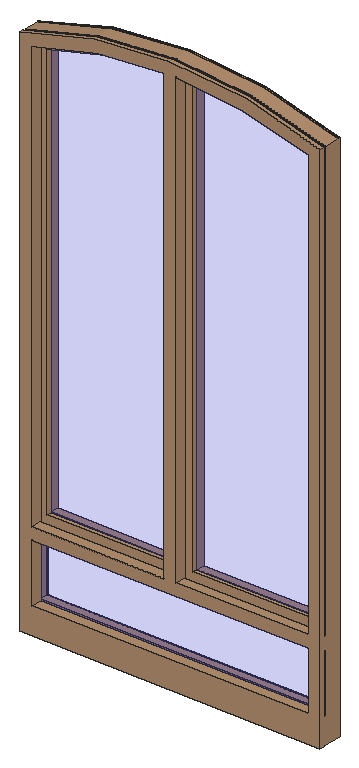
Revit family "WWW_A3-Flat-Arch-2090-FAB6", category Windows, host Wall, Revit 2016
Family settings
  Host = Wall
  Always vertical = Yes
  Cut with Voids When Loaded = No
  Shared = No
  Room Calculation Point = No
Parameters (values of type "2090 x 1116 FAB6")
  URL = "www.acdoors.co.za"
  Type Comments = "Series iv Frame Profile"
  RHS [instance] = yes
  Model = "Flat Arch"
  Manufacturer Code = "FAB6"
  Manufacturer = "AC Shopfitters (Windows)"
  LHS [instance] = not(RHS)  # no
  Height = 2090 mm
  Head Height = 2300 mm
  Frame Material = Wood- Timber
  Default Sill Height = (Head Height) - Height  # 210 mm
  Wall Closure = By host
  Width = 1116 mm
  Assembly Code = "B2020130"
  Arch Radii [instance] = Width / 2  # 558 mm
Types (5, lengths in mm): name | Height | Default Sill Height | Width | Arch Radii
  (no name) | 2090 | 210 | 1116 | 558
  1888 x 1500 FAB6 | 1888 | 412 | 1500 | 750
  2090 x 1116 FAB6 | 2090 | 210 | 1116 | 558
  2090 x 1500 FAB6 | 2090 | 210 | 1500 | 750
  1888 x 1116 FAB6 | 1888 | 412 | 1116 | 558
Reference planes
  plane 1 "CL": y = 0
  plane 2 "Center (Left/Right)": x = 0
  plane 3 "Left": x = -558
  plane 4 "Right": x = 558
  plane 5 "Sill": z = 210
  plane 6 "Head": z = 2300
  plane 7 "Exterior": y = 75
  plane 8 "Interior": y = -75
  plane 9: z = 1603.333
  plane 10: z = 906.667
  plane 11: z = 550
Forms (mm)
  Sweep 1, solid, material "Wood- Timber" <- "Frame Material", detail levels medium+fine
    path origin (0, 0, 0) x (1, 0, 0) y (0, 0, 1)
      loop
        line (558, 210) -> (558, 2202.083)
        arc (558, 2202.083) -> (0, 2300.032) -> (-558, 2202.083) r 1638.396
        line (-558, 2202.083) -> (-558, 210)
    profile "AC 90 x 44 IV : AC 90 x 44 iv" origin (558, 0, 1206.042) x (-1, 0, 0) y (0, -1, 0)
      loop
        line (44, 50.2) -> (0, 50.2) -> (0, 35.2) -> (2.991, 35.2) -> (2.991, 25.2) -> (0, 25.2) -> (0, -31.778) -> (2.991, -31.778) -> (2.991, -34.8) -> (0, -34.8) -> (0, -39.8) -> (24, -39.8) -> (32.38, 10.2) -> (44, 10.2) -> (44, 50.2)
  Sweep 2, solid, material "Wood- Timber" <- "Frame Material", detail levels medium+fine
    path origin (670, 0, 0) x (1, 0, 0) y (0, 0, 1)
      loop
        arc (-144.38, 2179.203) -> (-395.668, 2244.049) -> (-654.12, 2267.573) r 1606.016
        line (-654.12, 2267.573) -> (-654.12, 565.88) -> (-144.38, 565.88) -> (-144.38, 2179.203)
    profile "AC 50 x 44 Base iv : AC 50 x 44 Base" origin (525.62, 0, 1372.542) x (1, 0, 0) y (0, -1, 0)
      loop
        line (0, 10.183) -> (-35.62, 10.183) -> (-35.62, -6.817) -> (-30.62, -6.817) -> (-30.62, -9.817) -> (-35.62, -9.817) -> (-35.62, -39.817) -> (-30.62, -39.817) -> (-30.62, -34.817) -> (-25.62, -34.817) -> (-25.62, -39.817) -> (-1.62, -39.817) -> (-1.62, -49.817) -> (8.38, -49.817) -> (8.38, -46.817) -> (6.349, -46.817) -> (6.349, -44.817) -> (8.38, -44.817) -> (8.38, -39.817) -> (0, 10.183)
  Extrusion 3, solid, material "Glass", detail levels medium+fine
    sketch origin (670, 0, 0) x (1, 0, 0) y (0, 0, 1)
      loop
        arc (-175, 2157.245) -> (-396.377, 2213.088) -> (-623.5, 2236.345) r 1575.396
        line (-623.5, 2236.345) -> (-623.5, 596.5) -> (-175, 596.5) -> (-175, 2157.245)
    from -6.817 to -9.817
  Sweep 4, solid, material "Wood- Timber" <- "Frame Material", detail levels medium+fine
    path origin (0, 0, 0) x (1, 0, 0) y (0, 0, 1)
      loop
        line (-558, 210) -> (558, 210)
    profile "AC 90 x 44 IVbase : AC 90 x 44 iv" origin (0, 0, 210) x (0, 0, 1) y (0, -1, 0)
      loop
        line (98.48, 50.2) -> (0, 50.2) -> (0, 35.2) -> (2.991, 35.2) -> (2.991, 25.2) -> (0, 25.2) -> (0, -31.778) -> (2.991, -31.778) -> (2.991, -34.8) -> (0, -34.8) -> (0, -39.8) -> (84, -39.8) -> (92.38, 10.2) -> (98.48, 10.2) -> (98.48, 50.2)
  Sweep 5, solid, material "Wood- Timber" <- "Frame Material", detail levels medium+fine
    path origin (0, 0, 0) x (1, 0, 0) y (0, 0, 1)
      loop
        line (-558, 550) -> (558, 550)
    profile "AC 90 x 44 IV T : AC 90 x 44" origin (0, 0, 550) x (0, 0, 1) y (0, -1, 0)
      loop
        line (22, 50.2) -> (-22, 50.2) -> (-22, 10.2) -> (-15.88, 10.2) -> (-7.5, -39.8) -> (7.5, -39.8) -> (15.88, 10.2) -> (22, 10.2) -> (22, 50.2)
  Sweep 6, solid, material "Wood- Timber" <- "Frame Material", detail levels medium+fine
    path origin (0, 0, 0) x (1, 0, 0) y (0, 0, 1)
      loop
        line (525.62, 302.38) -> (525.62, 534.12) -> (-525.62, 534.12) -> (-525.62, 302.38) -> (525.62, 302.38)
    profile "AC Trim angle : AC 50 x 30 iv" origin (525.62, 0, 418.25) x (-1, 0, 0) y (0, -1, 0)
      loop
        line (-8.117, -38.531) -> (-1.659, -38.531) -> (-1.659, -33.531) -> (3.341, -33.531) -> (3.341, -31.343)
        arc (3.341, -31.343) -> (5.428, -28.646) -> (6.17, -25.318) r 7.83
        line (6.17, -25.318) -> (6.17, 5.183) -> (-0.791, 5.183) -> (-8.117, -38.531)
  Extrusion 7, solid, material "Glass", detail levels medium+fine
    sketch origin (0, 0, 0) x (1, 0, 0) y (0, 0, 1)
      loop
        line (527.279, 535.779) -> (-527.279, 535.779) -> (-527.279, 300.721) -> (527.279, 300.721) -> (527.279, 535.779)
    from 5.183 to 10.2
  Sweep 8, solid, material "Wood- Timber" <- "Frame Material", detail levels medium+fine
    path origin (-752, 0, 952) x (0, 0, -1) y (1, 0, 0)
      loop
        line (-1335, 752) -> (402, 752)
    profile "AC 90 x 44 IV T : AC 90 x 44" origin (0, 0, 1418.5) x (1, 0, 0) y (0, -1, 0)
      loop
        line (22, 50.2) -> (-22, 50.2) -> (-22, 10.2) -> (-15.88, 10.2) -> (-7.5, -39.8) -> (7.5, -39.8) -> (15.88, 10.2) -> (22, 10.2) -> (22, 50.2)
  Sweep 9, solid, material "Wood- Timber" <- "Frame Material", detail levels medium+fine
    path origin (-80, 0, 0) x (1, 0, 0) y (0, 0, 1)
      loop
        arc (64.12, 2267.573) -> (-194.332, 2244.049) -> (-445.62, 2179.203) r 1606.016
        line (-445.62, 2179.203) -> (-445.62, 565.88) -> (64.12, 565.88) -> (64.12, 2267.573)
    profile "AC 50 x 44 Base iv : AC 50 x 44 Base" origin (-15.88, 0, 1416.727) x (1, 0, 0) y (0, -1, 0)
      loop
        line (0, 10.183) -> (-35.62, 10.183) -> (-35.62, -6.817) -> (-30.62, -6.817) -> (-30.62, -9.817) -> (-35.62, -9.817) -> (-35.62, -39.817) -> (-30.62, -39.817) -> (-30.62, -34.817) -> (-25.62, -34.817) -> (-25.62, -39.817) -> (-1.62, -39.817) -> (-1.62, -49.817) -> (8.38, -49.817) -> (8.38, -46.817) -> (6.349, -46.817) -> (6.349, -44.817) -> (8.38, -44.817) -> (8.38, -39.817) -> (0, 10.183)
  Extrusion 10, solid, material "Glass", detail levels medium+fine
    sketch origin (-80, 0, 0) x (1, 0, 0) y (0, 0, 1)
      loop
        arc (33.5, 2236.345) -> (-193.623, 2213.088) -> (-415, 2157.245) r 1575.396
        line (-415, 2157.245) -> (-415, 596.5) -> (33.5, 596.5) -> (33.5, 2236.345)
    from -6.817 to -9.817
Cuts and joins
  joined: Sweep 1, Sweep 4, Sweep 5, Sweep 8
Lines and regions (mm)
  Opening 1
    outline origin (3500, -75, 0) x (1, 0, 0) y (0, 0, 1)
      loop
        line (-2942, 210) -> (-2942, 2202.083)
        arc (-2942, 2202.083) -> (-3211.702, 2274.468) -> (-3489.779, 2300) r 1638.396
        arc (-3489.779, 2300) -> (-3778.231, 2276.235) -> (-4058, 2202.083) r 1638.396
        line (-4058, 2202.083) -> (-4058, 210) -> (-2942, 210)
  symbolic lines, style "Elevation Swing", visible <- "RHS"
    curve 1: line (534, 0, 2185.158) -> (41.5, 0, 1450.275)
    curve 2: line (41.5, 0, 1450.275) -> (514, 0, 572)
  symbolic lines, style "Elevation Swing"
    curve 3: line (-524, 0, 567.5) -> (-41.5, 0, 1450.275)
    curve 4: line (-41.5, 0, 1450.275) -> (-524, 0, 2175.815)
Text (mm)
  text "EXTERIOR" at (-1963.203, 1332.353, 0), in view "Ref. Level"
  text "INTERIOR" at (-1981.466, -818.386, 0), in view "Ref. Level"
  text "Exterior" at (0, 923.751, 2943.296), in view "Right"
  text "Exterior" at (0, 1040.484, 2685.409), in view "Left"
Dimensions and locks
  equal spacing: plane 3 "Left", plane 2 "Center (Left/Right)", plane 4 "Right"
  "Width": plane 3 "Left" to plane 4 "Right"
  "Height": plane 5 "Sill" to plane 6 "Head"
  locked: plane 7 "Exterior" to host wall at 0
  locked: plane 8 "Interior" to host wall
  "Head Height": plane 6 "Head" to level
  equal spacing: plane 6 "Head", plane 9, plane 10, plane 5 "Sill"
  locked: plane 11 to plane 5 "Sill" at 340
  aligned and locked: Sweep 1 sketch curve to host wall  (x2)
  aligned and locked: host wall to Sweep 1 sketch curve
  aligned and locked: Sweep 2 to Extrusion 3
  aligned and locked: Extrusion 3 to Sweep 2  (x2)
  aligned and locked: Sweep 2 sketch curve to Sweep 1  (x2)
  aligned and locked: Sweep 2 to Extrusion 3 sketch curve
  aligned and locked: Extrusion 3 sketch curve to Sweep 2  (x3)
  aligned and locked: plane 6 "Head" to Opening 1 sketch curve
  aligned and locked: plane 5 "Sill" to Sweep 1 sketch curve  (x2)
  aligned and locked: Sweep 4 sketch curve to host wall
  aligned and locked: plane 3 "Left" to Sweep 5 sketch curve
  aligned and locked: Sweep 5 sketch curve to plane 11
  aligned and locked: plane 4 "Right" to Sweep 5 sketch curve
  aligned and locked: Sweep 5 to Sweep 2 sketch curve
  aligned and locked: Sweep 6 sketch curve to cut or joined group of Sweep 1, Sweep 4, Sweep 5, Sweep 8  (x4)
  aligned and locked: Extrusion 7 sketch curve to Sweep 6  (x4)
  aligned and locked: Extrusion 7 to Sweep 6
  aligned and locked: Extrusion 7 to cut or joined group of Sweep 1, Sweep 4, Sweep 5, Sweep 8
  aligned and locked: curve 1 to Sweep 2
  aligned and locked: cut or joined group of Sweep 1, Sweep 4, Sweep 5, Sweep 8 to curve 2
  aligned and locked: plane 2 "Center (Left/Right)" to Sweep 8 sketch curve
  aligned and locked: plane 11 to Sweep 8 sketch curve
  aligned and locked: Sweep 8 to Sweep 2 sketch curve
  aligned and locked: Sweep 9 to Extrusion 10
  aligned and locked: Extrusion 10 to Sweep 9  (x2)
  aligned and locked: Sweep 9 to Extrusion 10 sketch curve
  aligned and locked: Extrusion 10 sketch curve to Sweep 9  (x3)
  aligned and locked: cut or joined group of Sweep 1, Sweep 4, Sweep 5, Sweep 8 to Sweep 9 sketch curve  (x2)
  aligned and locked: Sweep 9 sketch curve to cut or joined group of Sweep 1, Sweep 4, Sweep 5, Sweep 8  (x2)
  aligned and locked: curve 3 to Sweep 9
  aligned and locked: Sweep 9 to curve 4
  aligned and locked: Sweep 2 to curve 2
Automatic sketch dimensions
  Opening 1 sketch curve to plane 3 "Left" = 0 mm
  Opening 1 sketch curve to plane 4 "Right" = 0 mm
  Opening 1 sketch curve to plane 5 "Sill" = 0 mm
  plane 6 "Head" to Opening 1 sketch curve = 97.917 mm
  Opening 1 sketch curve to plane 2 "Center (Left/Right)" = 0 mm
  Opening 1 sketch curve to Opening 1 sketch curve = 0 mm  (x2)
  plane 2 "Center (Left/Right)" to Opening 1 sketch curve = 10.221 mm
  Sweep 4 sketch curve to plane 3 "Left" = 0 mm
  Sweep 4 sketch curve to plane 4 "Right" = 0 mm
  plane 6 "Head" to Sweep 8 sketch curve = 13 mm
  curve 3 to plane 3 "Left" = 34 mm
  plane 11 to curve 3 = 17.5 mm
  plane 11 to curve 2 = 22 mm
  curve 2 to plane 9 = 153.058 mm
  curve 3 to curve 2 = 0 mm
  plane 6 "Head" to curve 4 = 124.185 mm
  plane 6 "Head" to curve 1 = 114.842 mm
